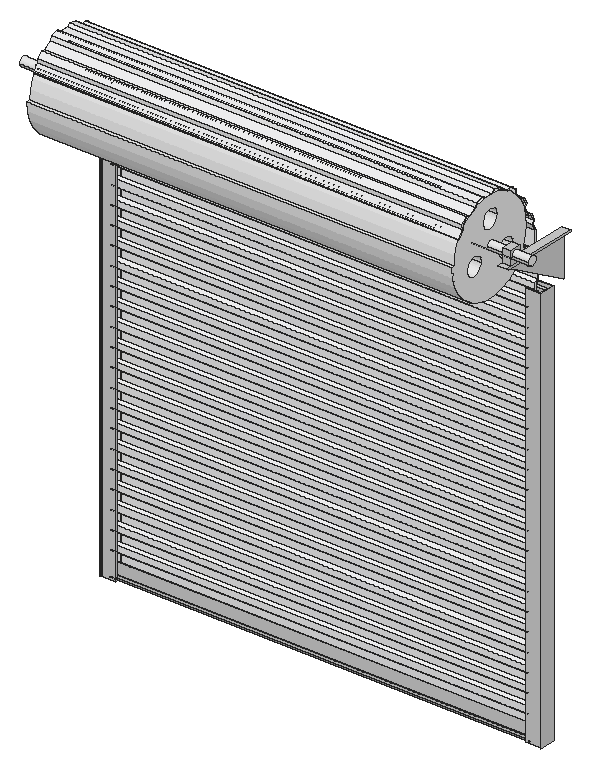
Revit family "Doors_Industrial_Wayne-Dalton_Commercial-Wind-Load-Roll-Up-Door-Model-DS-350_", category Specialty Equipment, host Wall, Revit 2019 (continued)
Automatic sketch dimensions
  Extrusion 3 sketch curve to Extrusion 3 sketch curve = 0.04457"
  Extrusion 3 sketch curve to Extrusion 3 sketch curve = 0.64889"
  Extrusion 3 sketch curve to Extrusion 3 sketch curve = 0.01945"
  Extrusion 3 sketch curve to Extrusion 3 sketch curve = 0.03093"
  Extrusion 3 sketch curve to Extrusion 3 sketch curve = 0.04213"
  Extrusion 3 sketch curve to Extrusion 3 sketch curve = 0.35772"
  Extrusion 3 sketch curve to Extrusion 3 sketch curve = 0.0445"
  Extrusion 3 sketch curve to Extrusion 3 sketch curve = 0.58436"
  Extrusion 3 sketch curve to Extrusion 3 sketch curve = 0.03713"
  curve 2 to Extrusion 3 sketch curve = 9.38866"
  Extrusion 3 sketch curve to Extrusion 3 sketch curve = 0.04224"
  Extrusion 3 sketch curve to Extrusion 3 sketch curve = 0.29237"
  Extrusion 3 sketch curve to curve 2 = 3.43116"
  Extrusion 3 sketch curve to Extrusion 3 sketch curve = 0.02097"
  Extrusion 3 sketch curve to curve 2 = 3.38071"
  Extrusion 4 sketch curve to Extrusion 4 sketch curve = 0"  (x60)
  Extrusion 4 sketch curve to curve 2 = 8.08364"
  Extrusion 4 sketch curve to Extrusion 4 sketch curve = 0.00003"  (x4)
  Extrusion 4 sketch curve to Extrusion 4 sketch curve = 0.63889"
  Extrusion 4 sketch curve to Extrusion 4 sketch curve = 0.00005"  (x2)
  Extrusion 4 sketch curve to Extrusion 4 sketch curve = 0.18053"
  Extrusion 4 sketch curve to Extrusion 4 sketch curve = 0.00017"  (x4)
  Extrusion 4 sketch curve to Extrusion 4 sketch curve = 1.30471"
  Extrusion 4 sketch curve to Extrusion 4 sketch curve = 0.00002"  (x3)
  Extrusion 4 sketch curve to Extrusion 4 sketch curve = 0.78341"
  Extrusion 4 sketch curve to Extrusion 4 sketch curve = 0.46469"
  Extrusion 4 sketch curve to Extrusion 4 sketch curve = 0.00011"  (x2)
  Extrusion 4 sketch curve to Extrusion 4 sketch curve = 0.30983"
  Extrusion 4 sketch curve to Extrusion 4 sketch curve = 0.8154"
  Extrusion 4 sketch curve to Extrusion 4 sketch curve = 0.6821"
  Extrusion 4 sketch curve to Extrusion 4 sketch curve = 0.00004"  (x5)
  Extrusion 4 sketch curve to curve 2 = 0.46505"
  curve 2 to Extrusion 4 sketch curve = 0.42917"
  Extrusion 4 sketch curve to Extrusion 4 sketch curve = 0.73112"
  Extrusion 4 sketch curve to Extrusion 4 sketch curve = 0.8011"
  Extrusion 4 sketch curve to Extrusion 4 sketch curve = 0.46818"
  Extrusion 4 sketch curve to Extrusion 4 sketch curve = 1.34626"
  Extrusion 4 sketch curve to Extrusion 4 sketch curve = 0.54314"
  Extrusion 4 sketch curve to Extrusion 4 sketch curve = 0.66012"
  Extrusion 4 sketch curve to Extrusion 4 sketch curve = 0.8064"
  Extrusion 4 sketch curve to Extrusion 4 sketch curve = 1.14963"
  Extrusion 4 sketch curve to Extrusion 4 sketch curve = 1.63371"
  Extrusion 4 sketch curve to Extrusion 4 sketch curve = 0.27231"
  Extrusion 4 sketch curve to Extrusion 4 sketch curve = 0.00006"  (x2)
  Extrusion 4 sketch curve to Extrusion 4 sketch curve = 0.69407"
  Extrusion 4 sketch curve to curve 2 = 0.56736"
  Extrusion 4 sketch curve to curve 2 = 0.53971"
  Extrusion 4 sketch curve to curve 2 = 0.08338"
  Extrusion 4 sketch curve to curve 2 = 0.079"
  Extrusion 4 sketch curve to curve 2 = 0.04886"
  curve 2 to Extrusion 4 sketch curve = 0.28752"
  Extrusion 4 sketch curve to Extrusion 4 sketch curve = 0.05759"
  curve 2 to Extrusion 4 sketch curve = 0.37479"
  Extrusion 4 sketch curve to Extrusion 4 sketch curve = 0.05732"
  Extrusion 4 sketch curve to Extrusion 4 sketch curve = 0.00438"
  Extrusion 4 sketch curve to Extrusion 4 sketch curve = 0.03452"
  Extrusion 4 sketch curve to Extrusion 4 sketch curve = 0.00817"
  Extrusion 4 sketch curve to Extrusion 4 sketch curve = 0.14425"
  Extrusion 4 sketch curve to curve 2 = 0.56455"
  Extrusion 4 sketch curve to Extrusion 4 sketch curve = 0.13576"
  curve 2 to Extrusion 4 sketch curve = 1.79484"
  curve 2 to Extrusion 4 sketch curve = 2.45173"
  Extrusion 4 sketch curve to Extrusion 4 sketch curve = 0.81041"
  curve 2 to Extrusion 4 sketch curve = 3.26981"
  Extrusion 4 sketch curve to curve 2 = 4.14831"
  Extrusion 4 sketch curve to Extrusion 4 sketch curve = 0.51163"
  curve 2 to Extrusion 4 sketch curve = 5.0281"
  Extrusion 4 sketch curve to Extrusion 4 sketch curve = 0.00012"  (x2)
  Extrusion 4 sketch curve to Extrusion 4 sketch curve = 0.56999"
  Extrusion 4 sketch curve to Extrusion 4 sketch curve = 0.79831"
  Extrusion 4 sketch curve to Extrusion 4 sketch curve = 0.43381"
  Extrusion 4 sketch curve to Extrusion 4 sketch curve = 0.41854"
  Extrusion 4 sketch curve to Extrusion 4 sketch curve = 0.77188"
  Extrusion 4 sketch curve to Extrusion 4 sketch curve = 0.09462"
  Extrusion 4 sketch curve to Extrusion 4 sketch curve = 0.23711"
  curve 2 to Extrusion 4 sketch curve = 7.30095"
  Extrusion 4 sketch curve to Extrusion 4 sketch curve = 1.63333"
  Extrusion 4 sketch curve to Extrusion 4 sketch curve = 0.14023"
  Extrusion 4 sketch curve to Extrusion 4 sketch curve = 0.67373"
  Extrusion 4 sketch curve to Extrusion 4 sketch curve = 0.61232"
  Extrusion 4 sketch curve to Extrusion 4 sketch curve = 0.83449"
  Extrusion 4 sketch curve to Extrusion 4 sketch curve = 0.00007"  (x2)
  Extrusion 4 sketch curve to Extrusion 4 sketch curve = 0.0714"
  curve 2 to Extrusion 4 sketch curve = 8.70458"
  Extrusion 4 sketch curve to Extrusion 4 sketch curve = 0.16793"
  Extrusion 4 sketch curve to Extrusion 4 sketch curve = 0.0002"  (x2)
  Extrusion 4 sketch curve to Extrusion 4 sketch curve = 0.45237"
  Extrusion 4 sketch curve to Extrusion 4 sketch curve = 0.05681"
  Extrusion 4 sketch curve to Extrusion 4 sketch curve = 0.11499"
  Extrusion 4 sketch curve to Extrusion 4 sketch curve = 0.03771"
  Extrusion 4 sketch curve to Extrusion 4 sketch curve = 0.09035"
  Extrusion 4 sketch curve to Extrusion 4 sketch curve = 0.05225"
  Extrusion 4 sketch curve to Extrusion 4 sketch curve = 0.10624"
  Extrusion 4 sketch curve to Extrusion 4 sketch curve = 0.01102"
  Extrusion 4 sketch curve to Extrusion 4 sketch curve = 0.14101"
  Extrusion 4 sketch curve to Extrusion 4 sketch curve = 0.04622"
  Extrusion 4 sketch curve to Extrusion 4 sketch curve = 0.1272"
  Extrusion 4 sketch curve to Extrusion 4 sketch curve = 0.05499"
  Extrusion 4 sketch curve to Extrusion 4 sketch curve = 0.15974"
  Extrusion 4 sketch curve to Extrusion 4 sketch curve = 0.02951"
  Extrusion 4 sketch curve to Extrusion 4 sketch curve = 0.14677"
  Extrusion 4 sketch curve to Extrusion 4 sketch curve = 0.0481"
  Extrusion 4 sketch curve to Extrusion 4 sketch curve = 0.14577"
  Extrusion 4 sketch curve to Extrusion 4 sketch curve = 0.04984"
  Extrusion 4 sketch curve to Extrusion 4 sketch curve = 0.19111"
  Extrusion 4 sketch curve to Extrusion 4 sketch curve = 0.04426"
  Extrusion 4 sketch curve to Extrusion 4 sketch curve = 0.04312"
  Extrusion 4 sketch curve to Extrusion 4 sketch curve = 0.14349"
  Extrusion 4 sketch curve to Extrusion 4 sketch curve = 0.03762"
  Extrusion 4 sketch curve to Extrusion 4 sketch curve = 0.19294"
  Extrusion 4 sketch curve to Extrusion 4 sketch curve = 0.05211"
  Extrusion 4 sketch curve to Extrusion 4 sketch curve = 0.12085"
  Extrusion 4 sketch curve to Extrusion 4 sketch curve = 0.02007"
  Extrusion 4 sketch curve to Extrusion 4 sketch curve = 0.17428"
  Extrusion 4 sketch curve to Extrusion 4 sketch curve = 0.05119"
  Extrusion 4 sketch curve to Extrusion 4 sketch curve = 0.0794"
  Extrusion 4 sketch curve to Extrusion 4 sketch curve = 0.00616"
  Extrusion 4 sketch curve to Extrusion 4 sketch curve = 0.13229"
  Extrusion 4 sketch curve to Extrusion 4 sketch curve = 0.04842"
  Extrusion 6 sketch curve to Extrusion 6 sketch curve = 0"  (x71)
  Extrusion 6 sketch curve to curve 2 = 9.66237"
  Extrusion 6 sketch curve to Extrusion 6 sketch curve = 0.00003"  (x9)
  Extrusion 6 sketch curve to Extrusion 6 sketch curve = 0.53531"
  Extrusion 6 sketch curve to Extrusion 6 sketch curve = 0.00006"  (x4)
  Extrusion 6 sketch curve to Extrusion 6 sketch curve = 0.03248"
  Extrusion 6 sketch curve to Extrusion 6 sketch curve = 0.00019"  (x2)
  Extrusion 6 sketch curve to Extrusion 6 sketch curve = 0.82321"
  Extrusion 6 sketch curve to Extrusion 6 sketch curve = 0.69927"
  Extrusion 6 sketch curve to Extrusion 6 sketch curve = 0.00005"  (x4)
  Extrusion 6 sketch curve to Extrusion 6 sketch curve = 0.2815"
  Extrusion 6 sketch curve to Extrusion 6 sketch curve = 0.00015"  (x2)
  Extrusion 6 sketch curve to Extrusion 6 sketch curve = 1.22034"
  Extrusion 6 sketch curve to Extrusion 6 sketch curve = 0.00002"  (x5)
  Extrusion 6 sketch curve to Extrusion 6 sketch curve = 3.51269"
  Extrusion 6 sketch curve to Extrusion 6 sketch curve = 0.79598"
  Extrusion 6 sketch curve to Extrusion 6 sketch curve = 0.50344"
  Extrusion 6 sketch curve to Extrusion 6 sketch curve = 0.0001"  (x2)
  Extrusion 6 sketch curve to Extrusion 6 sketch curve = 1.27881"
  Extrusion 6 sketch curve to Extrusion 6 sketch curve = 1.47606"
  Extrusion 6 sketch curve to Extrusion 6 sketch curve = 1.71045"
  Extrusion 6 sketch curve to Extrusion 6 sketch curve = 0.81615"
  Extrusion 6 sketch curve to Extrusion 6 sketch curve = 0.67698"
  Extrusion 6 sketch curve to Extrusion 6 sketch curve = 0.00004"  (x2)
  Extrusion 6 sketch curve to curve 2 = 0.67157"
  Extrusion 6 sketch curve to curve 2 = 0.19825"
  curve 2 to Extrusion 6 sketch curve = 0.55854"
  curve 2 to Extrusion 6 sketch curve = 1.33741"
  Extrusion 6 sketch curve to Extrusion 6 sketch curve = 0.78617"
  Extrusion 6 sketch curve to Extrusion 6 sketch curve = 1.57364"
  Extrusion 6 sketch curve to Extrusion 6 sketch curve = 1.89236"
  Extrusion 6 sketch curve to Extrusion 6 sketch curve = 0.62483"
  Extrusion 6 sketch curve to Extrusion 6 sketch curve = 0.81816"
  Extrusion 6 sketch curve to Extrusion 6 sketch curve = 0.00009"  (x2)
  Extrusion 6 sketch curve to Extrusion 6 sketch curve = 1.57146"
  Extrusion 6 sketch curve to Extrusion 6 sketch curve = 1.38936"
  Extrusion 6 sketch curve to Extrusion 6 sketch curve = 1.10496"
  Extrusion 6 sketch curve to Extrusion 6 sketch curve = 0.43161"
  Extrusion 6 sketch curve to Extrusion 6 sketch curve = 0.771"
  Extrusion 6 sketch curve to Extrusion 6 sketch curve = 0.00014"  (x2)
  Extrusion 6 sketch curve to curve 2 = 0.97535"
  Extrusion 6 sketch curve to curve 2 = 0.77901"
  Extrusion 6 sketch curve to curve 2 = 0.13011"
  Extrusion 6 sketch curve to Extrusion 6 sketch curve = 0.00018"  (x2)
  curve 2 to Extrusion 6 sketch curve = 0.47301"
  Extrusion 6 sketch curve to Extrusion 6 sketch curve = 0.00007"  (x3)
  curve 2 to Extrusion 6 sketch curve = 0.53183"
  curve 2 to Extrusion 6 sketch curve = 0.84263"
  Extrusion 6 sketch curve to Extrusion 6 sketch curve = 0.46289"
  Extrusion 6 sketch curve to Extrusion 6 sketch curve = 0.0002"  (x2)
  Extrusion 6 sketch curve to Extrusion 6 sketch curve = 0.01143"
  Extrusion 6 sketch curve to Extrusion 6 sketch curve = 0.04353"
  Extrusion 6 sketch curve to curve 2 = 0.28817"
  Extrusion 6 sketch curve to Extrusion 6 sketch curve = 0.18514"
  Extrusion 6 sketch curve to curve 2 = 0.25062"
  Extrusion 6 sketch curve to Extrusion 6 sketch curve = 0.04915"
  Extrusion 6 sketch curve to Extrusion 6 sketch curve = 0.0177"
  Extrusion 6 sketch curve to Extrusion 6 sketch curve = 0.00203"
  Extrusion 6 sketch curve to Extrusion 6 sketch curve = 0.14735"
  curve 2 to Extrusion 6 sketch curve = 0.67446"
  Extrusion 6 sketch curve to curve 2 = 0.10432"
  curve 2 to Extrusion 6 sketch curve = 1.66183"
  Extrusion 6 sketch curve to Extrusion 6 sketch curve = 0.05848"
  Extrusion 6 sketch curve to Extrusion 6 sketch curve = 0.13681"
  curve 2 to Extrusion 6 sketch curve = 2.53215"
  Extrusion 6 sketch curve to curve 2 = 2.65418"
  Extrusion 6 sketch curve to curve 2 = 3.26058"
  curve 2 to Extrusion 6 sketch curve = 3.34857"
  Extrusion 6 sketch curve to Extrusion 6 sketch curve = 0.61918"
  Extrusion 6 sketch curve to Extrusion 6 sketch curve = 1.69046"
  Extrusion 6 sketch curve to Extrusion 6 sketch curve = 0.81786"
  curve 2 to Extrusion 6 sketch curve = 4.82051"
  Extrusion 6 sketch curve to Extrusion 6 sketch curve = 1.56828"
  curve 2 to Extrusion 6 sketch curve = 5.31945"
  Extrusion 6 sketch curve to Extrusion 6 sketch curve = 1.26751"
  Extrusion 6 sketch curve to Extrusion 6 sketch curve = 1.38427"
  Extrusion 6 sketch curve to Extrusion 6 sketch curve = 1.08333"
  Extrusion 6 sketch curve to Extrusion 6 sketch curve = 0.79461"
  Extrusion 6 sketch curve to Extrusion 6 sketch curve = 0.4254"
  curve 2 to Extrusion 6 sketch curve = 6.32899"
  curve 2 to Extrusion 6 sketch curve = 6.44024"
  Extrusion 6 sketch curve to Extrusion 6 sketch curve = 0.76852"
  Extrusion 6 sketch curve to Extrusion 6 sketch curve = 1.20455"
  Extrusion 6 sketch curve to Extrusion 6 sketch curve = 0.27475"
  Extrusion 6 sketch curve to Extrusion 6 sketch curve = 1.04768"
  Extrusion 6 sketch curve to Extrusion 6 sketch curve = 0.19072"
  Extrusion 6 sketch curve to Extrusion 6 sketch curve = 0.69545"
  Extrusion 6 sketch curve to Extrusion 6 sketch curve = 0.64529"
  Extrusion 6 sketch curve to Extrusion 6 sketch curve = 0.8155"
  Extrusion 6 sketch curve to Extrusion 6 sketch curve = 0.02393"
  Extrusion 6 sketch curve to Extrusion 6 sketch curve = 0.58198"
  Extrusion 6 sketch curve to Extrusion 6 sketch curve = 0.06225"
  Extrusion 6 sketch curve to Extrusion 6 sketch curve = 0.5287"
  curve 2 to Extrusion 6 sketch curve = 9.77214"
  Extrusion 6 sketch curve to Extrusion 6 sketch curve = 0.46"
  Extrusion 6 sketch curve to Extrusion 6 sketch curve = 0.22781"
  Extrusion 6 sketch curve to Extrusion 6 sketch curve = 0.00021"
  curve 2 to Extrusion 6 sketch curve = 10.08406"
  Extrusion 6 sketch curve to Extrusion 6 sketch curve = 0.00617"
  Extrusion 6 sketch curve to curve 2 = 2.79659"
  Extrusion 6 sketch curve to Extrusion 6 sketch curve = 0.01789"
  Extrusion 6 sketch curve to Extrusion 6 sketch curve = 0.09634"
  Extrusion 6 sketch curve to Extrusion 6 sketch curve = 0.0316"
  Extrusion 6 sketch curve to Extrusion 6 sketch curve = 0.05738"
  Extrusion 6 sketch curve to Extrusion 6 sketch curve = 0.0587"
  Extrusion 6 sketch curve to Extrusion 6 sketch curve = 0.08306"
  Extrusion 6 sketch curve to Extrusion 6 sketch curve = 0.00994"
  Extrusion 6 sketch curve to Extrusion 6 sketch curve = 0.09622"
  Extrusion 6 sketch curve to Extrusion 6 sketch curve = 0.06253"
  Extrusion 6 sketch curve to Extrusion 6 sketch curve = 0.14171"
  Extrusion 6 sketch curve to Extrusion 6 sketch curve = 0.01329"
  Extrusion 6 sketch curve to Extrusion 6 sketch curve = 0.1258"
  Extrusion 6 sketch curve to Extrusion 6 sketch curve = 0.06036"
  Extrusion 6 sketch curve to Extrusion 6 sketch curve = 0.16521"
  Extrusion 6 sketch curve to Extrusion 6 sketch curve = 0.02676"
  Extrusion 6 sketch curve to Extrusion 6 sketch curve = 0.14328"
  Extrusion 6 sketch curve to Extrusion 6 sketch curve = 0.05237"
  Extrusion 6 sketch curve to Extrusion 6 sketch curve = 0.19175"
  Extrusion 6 sketch curve to Extrusion 6 sketch curve = 0.04448"
  Extrusion 6 sketch curve to Extrusion 6 sketch curve = 0.14695"
  Extrusion 6 sketch curve to Extrusion 6 sketch curve = 0.03919"
  Extrusion 6 sketch curve to Extrusion 6 sketch curve = 0.19525"
  Extrusion 6 sketch curve to Extrusion 6 sketch curve = 0.05351"
  Extrusion 6 sketch curve to Extrusion 6 sketch curve = 0.13637"
  Extrusion 6 sketch curve to Extrusion 6 sketch curve = 0.02236"
  Extrusion 6 sketch curve to Extrusion 6 sketch curve = 0.17912"
  Extrusion 6 sketch curve to Extrusion 6 sketch curve = 0.06096"
  Extrusion 6 sketch curve to Extrusion 6 sketch curve = 0.11252"
  Extrusion 6 sketch curve to Extrusion 6 sketch curve = 0.00326"
  Extrusion 6 sketch curve to Extrusion 6 sketch curve = 0.14627"
  Extrusion 6 sketch curve to Extrusion 6 sketch curve = 0.06088"
  Extrusion 6 sketch curve to curve 2 = 0.06837"
  Extrusion 6 sketch curve to curve 2 = 0.05222"
  Extrusion 6 sketch curve to Extrusion 6 sketch curve = 0.11198"
  Extrusion 6 sketch curve to Extrusion 6 sketch curve = 0.0541"
  Extrusion 6 sketch curve to Extrusion 6 sketch curve = 0.04279"
  Extrusion 5 sketch curve to Extrusion 5 sketch curve = 0"  (x26)
  Extrusion 5 sketch curve to curve 2 = 0"  (x2)
  Extrusion 5 sketch curve to curve 2 = 1.21119"
  Extrusion 5 sketch curve to Extrusion 5 sketch curve = 0.01364"
  Extrusion 5 sketch curve to Extrusion 5 sketch curve = 0.53885"
  Extrusion 5 sketch curve to Extrusion 5 sketch curve = 0.01067"
  Extrusion 5 sketch curve to Extrusion 5 sketch curve = 1.22582"
  Extrusion 5 sketch curve to Extrusion 5 sketch curve = 0.029"
  Extrusion 5 sketch curve to Extrusion 5 sketch curve = 0.27279"
  Extrusion 5 sketch curve to Extrusion 5 sketch curve = 0.0305"
  Extrusion 5 sketch curve to Extrusion 5 sketch curve = 1.46397"
  Extrusion 5 sketch curve to Extrusion 5 sketch curve = 0.00247"
  Extrusion 5 sketch curve to Extrusion 5 sketch curve = 0.666"
  Extrusion 5 sketch curve to Extrusion 5 sketch curve = 0.00617"
  Extrusion 5 sketch curve to Extrusion 5 sketch curve = 1.03286"
  Extrusion 5 sketch curve to Extrusion 5 sketch curve = 0.01357"
  Extrusion 5 sketch curve to Extrusion 5 sketch curve = 0.0396"
  Extrusion 5 sketch curve to Extrusion 5 sketch curve = 0.03967"
  Extrusion 5 sketch curve to Extrusion 5 sketch curve = 1.10422"
  Extrusion 5 sketch curve to Extrusion 5 sketch curve = 0.01824"
  Extrusion 5 sketch curve to Extrusion 5 sketch curve = 0.68849"
  Extrusion 5 sketch curve to Extrusion 5 sketch curve = 0.02214"
  Extrusion 5 sketch curve to Extrusion 5 sketch curve = 0.44641"
  Extrusion 5 sketch curve to Extrusion 5 sketch curve = 0.04325"
  Extrusion 5 sketch curve to Extrusion 5 sketch curve = 0.20439"
  Extrusion 5 sketch curve to Extrusion 5 sketch curve = 0.04461"
  Extrusion 5 sketch curve to curve 2 = 3.03743"
  Extrusion 5 sketch curve to Extrusion 5 sketch curve = 0.58728"
  Extrusion 5 sketch curve to curve 2 = 3.06716"
  Extrusion 5 sketch curve to Extrusion 5 sketch curve = 0.03142"
  Extrusion 5 sketch curve to curve 2 = 0.97641"
  Extrusion 5 sketch curve to Extrusion 5 sketch curve = 0.41446"
  Extrusion 5 sketch curve to Extrusion 5 sketch curve = 0.054"
  Extrusion 5 sketch curve to curve 2 = 2.74736"
  Extrusion 5 sketch curve to Extrusion 5 sketch curve = 0.6138"
  Extrusion 5 sketch curve to curve 2 = 2.77548"
  Extrusion 5 sketch curve to Extrusion 5 sketch curve = 0.03499"
  Extrusion 5 sketch curve to curve 2 = 1.51462"
  Extrusion 5 sketch curve to Extrusion 5 sketch curve = 0.43414"
  Extrusion 5 sketch curve to curve 2 = 1.50284"
  Extrusion 5 sketch curve to Extrusion 5 sketch curve = 0.04332"
  curve 2 to Extrusion 5 sketch curve = 0.39296"
  Extrusion 5 sketch curve to Extrusion 5 sketch curve = 0.01702"
  Extrusion 5 sketch curve to Extrusion 5 sketch curve = 0.49623"
  Extrusion 5 sketch curve to Extrusion 5 sketch curve = 0.01431"
  Extrusion 5 sketch curve to Extrusion 5 sketch curve = 1.24579"
  Extrusion 5 sketch curve to Extrusion 5 sketch curve = 0.02601"
  Extrusion 5 sketch curve to Extrusion 5 sketch curve = 0.32769"
  Extrusion 5 sketch curve to Extrusion 5 sketch curve = 0.02782"
  Extrusion 5 sketch curve to Extrusion 5 sketch curve = 1.51549"
  Extrusion 5 sketch curve to Extrusion 5 sketch curve = 0.00114"
  Extrusion 5 sketch curve to Extrusion 5 sketch curve = 0.64575"
  Extrusion 5 sketch curve to Extrusion 5 sketch curve = 0.00239"
  Extrusion 5 sketch curve to Extrusion 5 sketch curve = 1.08997"
  Extrusion 5 sketch curve to Extrusion 5 sketch curve = 0.03768"
  Extrusion 5 sketch curve to Extrusion 5 sketch curve = 0.07324"
  Extrusion 5 sketch curve to Extrusion 5 sketch curve = 0.03808"
  Extrusion 5 sketch curve to Extrusion 5 sketch curve = 1.19736"
  Extrusion 5 sketch curve to Extrusion 5 sketch curve = 0.0149"
  Extrusion 5 sketch curve to Extrusion 5 sketch curve = 0.68983"
  Extrusion 5 sketch curve to Extrusion 5 sketch curve = 0.01876"
  Extrusion 5 sketch curve to curve 2 = 0.64161"
  Extrusion 5 sketch curve to Extrusion 5 sketch curve = 11/256"
  Extrusion 5 sketch curve to curve 2 = 0.45014"
  Extrusion 5 sketch curve to Extrusion 5 sketch curve = 0.04402"
  curve 2 to Extrusion 5 sketch curve = 0.1112"
  Extrusion 5 sketch curve to Extrusion 5 sketch curve = 0.02881"
  curve 2 to Extrusion 5 sketch curve = 91/128"
  Extrusion 5 sketch curve to Extrusion 5 sketch curve = 0.04113"
  Extrusion 5 sketch curve to Extrusion 5 sketch curve = 0.64149"
  Extrusion 5 sketch curve to Extrusion 5 sketch curve = 0.03241"
  Extrusion 5 sketch curve to curve 2 = 0.43743"
  curve 2 to Extrusion 5 sketch curve = 0.90201"
  Extrusion 5 sketch curve to curve 2 = 0.46197"
  Extrusion 5 sketch curve to Extrusion 5 sketch curve = 0.036"
  curve 2 to Extrusion 5 sketch curve = 0.952"
  Extrusion 5 sketch curve to Extrusion 5 sketch curve = 0.39322"
  Extrusion 5 sketch curve to Extrusion 5 sketch curve = 0.04418"
  Extrusion 5 sketch curve to curve 2 = 0.11278"
  Extrusion 5 sketch curve to Extrusion 5 sketch curve = 0.4475"
  Extrusion 5 sketch curve to curve 2 = 0.13517"
  Extrusion 5 sketch curve to Extrusion 5 sketch curve = 0.0392"
  curve 2 to Extrusion 5 sketch curve = 1.14567"
  curve 2 to Extrusion 5 sketch curve = 1.16456"
  curve 2 to Extrusion 5 sketch curve = 1.78492"
  Extrusion 5 sketch curve to Extrusion 5 sketch curve = 0.01198"
  Extrusion 5 sketch curve to Extrusion 5 sketch curve = 0.57609"
  Extrusion 5 sketch curve to Extrusion 5 sketch curve = 0.00796"
  curve 2 to Extrusion 5 sketch curve = 3.57458"
  Extrusion 5 sketch curve to Extrusion 5 sketch curve = 0.03107"
  curve 2 to Extrusion 5 sketch curve = 3.80812"
  Extrusion 5 sketch curve to Extrusion 5 sketch curve = 0.03232"
  Extrusion 5 sketch curve to Extrusion 5 sketch curve = 0.65898"
  Extrusion 5 sketch curve to Extrusion 5 sketch curve = 0.00504"
  curve 2 to Extrusion 5 sketch curve = 5.93963"
  Extrusion 5 sketch curve to Extrusion 5 sketch curve = 0.00879"
  Extrusion 5 sketch curve to Extrusion 5 sketch curve = 1 13/256"
  Extrusion 5 sketch curve to Extrusion 5 sketch curve = 0.03154"
  Extrusion 5 sketch curve to Extrusion 5 sketch curve = 5/128"
  Extrusion 5 sketch curve to Extrusion 5 sketch curve = 0.03923"
  Extrusion 5 sketch curve to Extrusion 5 sketch curve = 0.96006"
  Extrusion 5 sketch curve to Extrusion 5 sketch curve = 0.02826"
  Extrusion 5 sketch curve to Extrusion 5 sketch curve = 0.04063"
  Extrusion 5 sketch curve to Extrusion 5 sketch curve = 0.04078"
  Extrusion 5 sketch curve to Extrusion 5 sketch curve = 0.68789"
  Extrusion 5 sketch curve to Extrusion 5 sketch curve = 0.02115"
  Extrusion 5 sketch curve to Extrusion 5 sketch curve = 0.48896"
  Extrusion 5 sketch curve to Extrusion 5 sketch curve = 0.6831"
  Extrusion 5 sketch curve to Extrusion 5 sketch curve = 0.04319"
  Extrusion 5 sketch curve to Extrusion 5 sketch curve = 0.02441"
  Extrusion 5 sketch curve to Extrusion 5 sketch curve = 0.18832"
  Extrusion 5 sketch curve to Extrusion 5 sketch curve = 0.04447"
  Extrusion 5 sketch curve to Extrusion 5 sketch curve = 0.34453"
  Extrusion 5 sketch curve to Extrusion 5 sketch curve = 0.04326"
  Extrusion 5 sketch curve to Extrusion 5 sketch curve = 0.24296"
  Extrusion 5 sketch curve to Extrusion 5 sketch curve = 0.04483"
  curve 2 to Extrusion 5 sketch curve = 9.79875"
  Extrusion 5 sketch curve to Extrusion 5 sketch curve = 0.04105"
  Extrusion 5 sketch curve to Extrusion 5 sketch curve = 0.61971"
  Extrusion 5 sketch curve to Extrusion 5 sketch curve = 0.03427"
  Extrusion 5 sketch curve to Extrusion 5 sketch curve = 0.59383"
  Extrusion 5 sketch curve to Extrusion 5 sketch curve = 0.03659"
  Extrusion 5 sketch curve to Extrusion 5 sketch curve = 0.42077"
  Extrusion 5 sketch curve to Extrusion 5 sketch curve = 0.04361"
  Extrusion 5 sketch curve to Extrusion 5 sketch curve = 0.46408"
  Extrusion 5 sketch curve to Extrusion 5 sketch curve = 0.04255"
  Extrusion 6 sketch curve to Extrusion 6 sketch curve = 0.24249"
Nested families (in)
  nested 1: "Slat" at (0, -6.798, 1.1046), type "Slat"
    with Void Cut Offset 0", Additional Slats no, AD S2 yes, AD S1 yes
  nested 2: "Slat" at (0, -6.798, 10.76085), type "Slat"
    with Void Cut Offset 0", Additional Slats no, AD S2 yes, AD S1 yes
  nested 3: "Slat" at (0, -6.798, 20.4171), type "Slat"
    with Void Cut Offset 0", Additional Slats no, AD S2 yes, AD S1 yes
  nested 4: "Slat" at (0, -6.798, 30.07335), type "Slat"
    with Void Cut Offset 0", Additional Slats no, AD S2 yes, AD S1 yes
  nested 5: "Slat" at (0, -6.798, 39.7296), type "Slat"
    with Void Cut Offset 0", Additional Slats no, AD S2 yes, AD S1 yes
  nested 6: "Slat" at (0, -6.798, 49.38585), type "Slat"
    with Void Cut Offset 0", Additional Slats no, AD S2 yes, AD S1 yes
  nested 7: "Slat" at (0, -6.798, 59.0421), type "Slat"
    with Void Cut Offset 0", Additional Slats no, AD S2 yes, AD S1 yes
  nested 8: "Operator" at (36, -16.75, 83.5), type "Family1"
  nested 9: "Lifts" at (0, -4.5, 0) x (-1, 0, 0) z (0, 0, 1), type "Frame Unit"
  nested 10: "Slat" at (0, -6.798, 78.3546), AD S1 <- "Ad Slat 1", AD S2 <- "Ad Slat 2", type "Slat"
    with Void Cut Offset 10.16", Additional Slats yes, AD S2 no, AD S1 no
  nested 11: "Slat" at (0, -6.798, 68.69835), type "Slat"
    with Void Cut Offset 0", Additional Slats no, AD S2 yes, AD S1 yes
Connectors (in)
  electrical at (41.75, -16.75, 83.5), driven by "Number of Poles", driven by "Voltage", driven by "Apparent Load Phase 1", driven by "Power Factor"
    settings: on nested 8, index 1, voltage 0 V, apparent load 0 VA, apparent load phase1 0 VA, apparent load phase2 0 VA, apparent load phase3 0 VA, power factor 1, load classification "Other", number of poles 1, system type 31, power factor state 1, is connector primary yes, connector utility no, sub classification motor no, connector description "Electrical Connector"
Definition of nested family "Slat"
  Parameters (values of type "Slat")
    Void Cut Offset [instance] = if(Additional Slats, if(AD S2, One Slat Height + 1/2", if(AD S1, One Slat Height * 2 + 1/2", Slat Height + 1/2")), 0")  # 0"
    Sq Option = if(Curtain Option = 1, 1 = 1, 1 = 2)  # yes
    Slat Height = if(Curtain Option = 1, 3.22" * 3, 3.16" * 3)  # 9.66"
    R Option = not(Sq Option)  # no
    Panel Material = none
    Opening Width = 75.103"
    One Slat Height = if(Curtain Option = 1, 3.22", 3.16")  # 3.22"
    Default Elevation = 48"
    Curtain Option = 1
    Additional Slats [instance] = no
    AD S2 [instance] = yes
    AD S1 [instance] = yes
  Reference planes (in)
    plane 1 "Center (Front/Back)": y = 0
    plane 2: z = 0
    plane 3 "Center (Left/Right)": x = 0
    plane 4: z = 9.66
    plane 5: x = -37.5515
    plane 6: x = 37.5515
    plane 7: z = 10.16
  Forms (in)
    Extrusion 1, solid, material <- "Panel Material", visible <- "Sq Option"
      sketch origin (0, 0, 0) x (0, 0, 1) y (0, -1, 0)
        loop
          line (1.5362, -0.5962) -> (2.83682, -0.5962) -> (3.24093, -0.04) -> (4.3521, -0.04) -> (4.7562, -0.5962) -> (6.05682, -0.5962) -> (6.46093, -0.04) -> (7.5721, -0.04) -> (7.9762, -0.5962) -> (9.27682, -0.5962) -> (9.68093, -0.04) -> (9.66, 0) -> (9.2559, -0.5562) -> (7.99658, -0.5562) -> (7.59248, 0) -> (6.44, 0) -> (6.0359, -0.5562) -> (4.77658, -0.5562) -> (4.37248, 0) -> (3.22, 0) -> (2.8159, -0.5562) -> (1.55658, -0.5562) -> (1.15248, 0) -> (0, 0) -> (0, -0.04) -> (1.1321, -0.04) -> (1.5362, -0.5962)
      from -37.5515 to 37.5515
    Extrusion 2, solid, material <- "Panel Material", visible <- "R Option"
      sketch origin (0, 0, 0) x (0, 0, 1) y (0, -1, 0)
        loop
          arc (0.99662, -0.13102) -> (0.81086, 0) -> (0.62661, -0.13312) r 0.19562
          line (0.62661, -0.13312) -> (0, -0.13312) -> (0, -0.18138) -> (0.6653, -0.18138)
          arc (0.6653, -0.18138) -> (0.79435, -0.04931) -> (0.95107, -0.14695) r 0.14737
          arc (0.95107, -0.14695) -> (1.5846, -0.59649) -> (2.21812, -0.14695) r 0.67117
          arc (2.21812, -0.14695) -> (2.37484, -0.04931) -> (2.50389, -0.18138) r 0.14737
          line (2.50389, -0.18138) -> (3.8253, -0.18138)
          arc (3.8253, -0.18138) -> (3.95435, -0.04931) -> (4.11107, -0.14695) r 0.14737
          arc (4.11107, -0.14695) -> (4.7446, -0.59649) -> (5.37812, -0.14695) r 0.67117
          arc (5.37812, -0.14695) -> (5.53484, -0.04931) -> (5.66389, -0.18138) r 0.14737
          line (5.66389, -0.18138) -> (6.9853, -0.18138)
          arc (6.9853, -0.18138) -> (7.11435, -0.04931) -> (7.27107, -0.14695) r 0.14737
          arc (7.27107, -0.14695) -> (7.9046, -0.59649) -> (8.53812, -0.14695) r 0.67117
          arc (8.53812, -0.14695) -> (8.69484, -0.04931) -> (8.82389, -0.18138) r 0.14737
          line (8.82389, -0.18138) -> (9.48, -0.18138) -> (9.48, -0.13312) -> (8.86258, -0.13312)
          arc (8.86258, -0.13312) -> (8.67833, 0) -> (8.49257, -0.13102) r 0.19562
          arc (8.49257, -0.13102) -> (7.9046, -0.54824) -> (7.31662, -0.13102) r 0.62292
          arc (7.31662, -0.13102) -> (7.13086, 0) -> (6.94661, -0.13312) r 0.19562
          line (6.94661, -0.13312) -> (5.70258, -0.13312)
          arc (5.70258, -0.13312) -> (5.51833, 0) -> (5.33257, -0.13102) r 0.19562
          arc (5.33257, -0.13102) -> (4.7446, -0.54824) -> (4.15662, -0.13102) r 0.62292
          arc (4.15662, -0.13102) -> (3.97086, 0) -> (3.78661, -0.13312) r 0.19562
          line (3.78661, -0.13312) -> (2.54258, -0.13312)
          arc (2.54258, -0.13312) -> (2.35833, 0) -> (2.17257, -0.13102) r 0.19562
          arc (2.17257, -0.13102) -> (1.5846, -0.54824) -> (0.99662, -0.13102) r 0.62292
      from -37.5515 to 37.5515
    Extrusion 3, void
      sketch origin (0, 0, 0) x (0, 0, 1) y (0, -1, 0)
        loop
          line (10.66, 0.75) -> (10.16, 0.75) -> (10.16, -1.27253) -> (10.66, -1.27253) -> (10.66, 0.75)
      from -37.5515 to 37.5515
  Cuts and joins
    Extrusion 3 cuts Extrusion 1
    Extrusion 3 cuts Extrusion 2
  Lines and regions (in)
    reference lines
      curve 1: line (0, 0, 0) -> (0, 0, 9)
  Dimensions and locks (in)
    "Slat Height": plane 4 to plane 2
    equal spacing: plane 5, plane 3 "Center (Left/Right)", plane 6
    "Opening Width": plane 5 to plane 6
    locked: curve 1 to curve 1 at 9
    locked: Extrusion 3 sketch curve to plane 4 at 1
    locked: plane 7 to plane 4 at 0.5
    "Void Cut Offset": plane 7 to Extrusion 3 sketch curve
    aligned and locked: plane 2 to level
    aligned and locked: plane 5 to Extrusion 1
    aligned and locked: plane 6 to Extrusion 1
    aligned and locked: level to curve 1
    aligned and locked: curve 1 to plane 1 "Center (Front/Back)"
    aligned and locked: plane 6 to Extrusion 2
    aligned and locked: plane 5 to Extrusion 2
    aligned and locked: plane 5 to Extrusion 3
    aligned and locked: plane 6 to Extrusion 3
  Automatic sketch dimensions
    curve 1 to Extrusion 1 sketch curve = 0"  (x2)
    Extrusion 1 sketch curve to curve 1 = 0"  (x2)
    Extrusion 1 sketch curve to curve 1 = 0.04"
    Extrusion 1 sketch curve to Extrusion 1 sketch curve = 1.1321"  (x2)
    Extrusion 1 sketch curve to Extrusion 1 sketch curve = 0.02038"  (x6)
    Extrusion 1 sketch curve to Extrusion 1 sketch curve = 0.4041"  (x6)
    curve 1 to Extrusion 1 sketch curve = 0.5562"  (x2)
    Extrusion 1 sketch curve to Extrusion 1 sketch curve = 1.25932"  (x3)
    curve 1 to Extrusion 1 sketch curve = 0.5962"  (x2)
    Extrusion 1 sketch curve to Extrusion 1 sketch curve = 0.02093"  (x6)
    curve 1 to Extrusion 1 sketch curve = 0.04"
    Extrusion 1 sketch curve to Extrusion 1 sketch curve = 1.11117"
    Extrusion 1 sketch curve to Extrusion 1 sketch curve = 0"
    Extrusion 1 sketch curve to Extrusion 1 sketch curve = 0.04"  (x3)
    Extrusion 1 sketch curve to Extrusion 1 sketch curve = 0.5162"
    Extrusion 2 sketch curve to Extrusion 2 sketch curve = 0"  (x24)
    curve 1 to Extrusion 2 sketch curve = 0"
    Extrusion 2 sketch curve to curve 1 = 0.18138"
    Extrusion 2 sketch curve to curve 1 = 0.13312"
    Extrusion 2 sketch curve to Extrusion 2 sketch curve = 0.62661"
    Extrusion 2 sketch curve to Extrusion 2 sketch curve = 0.03869"  (x6)
    Extrusion 2 sketch curve to Extrusion 2 sketch curve = 0.14668"  (x6)
    Extrusion 2 sketch curve to curve 1 = 0.07468"  (x3)
    Extrusion 2 sketch curve to Extrusion 2 sketch curve = 0.77262"  (x5)
    curve 1 to Extrusion 2 sketch curve = 0.19561"  (x5)
    curve 1 to Extrusion 2 sketch curve = 0.13312"  (x2)
    Extrusion 2 sketch curve to Extrusion 2 sketch curve = 1.24402"  (x2)
    Extrusion 2 sketch curve to curve 1 = 0.32278"
    Extrusion 2 sketch curve to Extrusion 2 sketch curve = 0.01424"  (x2)
    Extrusion 2 sketch curve to Extrusion 2 sketch curve = 0.04825"  (x3)
    curve 1 to Extrusion 2 sketch curve = 0.48"
    curve 1 to Extrusion 3 sketch curve = 1.27253"
    Extrusion 3 sketch curve to curve 1 = 3/4"
Definition of nested family "Lifts"
  Parameters (values of type "Frame Unit")
    Steel Support Outter Radius = Opening Height + Headroom Height - [Floor To (CL) of Shaft]  # 8 1/2"
    Steel Support Inner Radius = Steel Support Outter Radius - 5/8"  # 7 7/8"
    Shaft Radius = 3/4"  # constant formula
    Shaft Material = none
    Setback = 1/4"  # constant formula
    Right Shaft Offset = 9"
    Resin Stopper Radius = 1 1/2"  # constant formula
    Resin Elements Material = none
    Opening Width = 72"
    Left Shaft Offset = 9"
    J Offset = 11 1/2" + 3/4"  # 12 1/4"
    Headroom Height = 20"
    Header Width = 23"
    Guide Width R Real = Guid Width + Setback  # 6"
    Guide Width L Real = Guid Width + Setback  # 6"
    Guide Second Part Position = 2 3/4"  # constant formula
    Guide Height = 2 3/4"  # constant formula
    Guid Width = 5 3/4"  # constant formula
    Opening Height = 72"
    Floor To (CL) of Shaft = 83 1/2"
    Finish Material = none
    Connection Brackets = 5 1/4"  # constant formula
    C = 10"
    Bottom Bar Offset = 1.652" + 3/4"  # 2.402"
    Analytic Construction = "<None>"
    A = 6"
  Reference planes (in)
    plane 1 "Center (Front/Back)": y = 0
    plane 2: z = 0
    plane 3 "Center (Left/Right)": x = 0
    plane 4 "Left": x = -36
    plane 5 "Right": x = 36
    plane 6 "Opening Height": z = 72
    plane 7: x = -45
    plane 8: x = 45
    plane 9: z = 92
    plane 10: y = 23
    plane 11: x = -18
    plane 12: x = 18
    plane 13: z = 83.5
    plane 14: y = 12.25
    plane 15: x = -37.55
    plane 16: x = 37.55
    plane 17: x = 42
    plane 18: x = -42
    plane 19: z = 82
    plane 20: x = -37.55
    plane 21: x = 37.55
    plane 22: y = 0.73437
  Forms (in)
    Extrusion 1, solid, material <- "Finish Material"
      sketch origin (0, 0, 0) x (1, 0, 0) y (0, 1, 0)
        loop
          line (-39, 0) -> (-36.25, 0) -> (-36.25, 0.125) -> (-38.875, 0.125) -> (-38.875, 2.75) -> (-39, 2.75) -> (-39, 0)
        loop
          line (39, 0) -> (39, 2.75) -> (38.875, 2.75) -> (38.875, 0.125) -> (36.25, 0.125) -> (36.25, 0) -> (39, 0)
      from 72 to 0
    Extrusion 2, solid, material <- "Finish Material"
      sketch origin (0, 0, 0) x (0, 1, 0) y (0, 0, 1)
        loop
          line (2.402, 1) -> (2.402, 3) -> (2.2975, 3) -> (2.2975, 1.1046) -> (0.902, 1.1046) -> (0.902, 1) -> (2.402, 1)
      from -37.55 to 37.55
    Extrusion 3, solid, material <- "Finish Material"
      sketch origin (0, 0, 0) x (0, 1, 0) y (0, 0, 1)
        loop
          line (1.62521, 1) -> (1.62521, 0.5)
          arc (1.62521, 0.5) -> (2.12521, 0) -> (2.62521, 0.5) r 0.5
          line (2.62521, 0.5) -> (2.62521, 1) -> (1.62521, 1)
      from -37.55 to 37.55
    Extrusion 4, solid, material <- "Shaft Material"
      sketch origin (0, 0, 0) x (0, 1, 0) y (0, 0, 1)
        loop
          circle (12.25, 83.5) r 0.75
      from -45 to 45
    Extrusion 5, void
      sketch origin (-42, 0, 75.60557) x (0, 0, 1) y (-1, 0, 0)
        loop
          line (-75.60557, -82.78) -> (-75.60557, -84) -> (6.11443, -84) -> (6.11443, -82.78) -> (-75.60557, -82.78)
        loop
          line (9.14443, -82.5) -> (6.39443, -82.5) -> (6.39443, -82.575) -> (9.14443, -82.575) -> (9.14443, -82.5)
        loop
          line (9.14443, -84) -> (9.14443, -83.925) -> (6.39443, -83.925) -> (6.39443, -84) -> (9.14443, -84)
        loop
          line (-75.60557, -1.22) -> (6.11443, -1.22) -> (6.11443, 0) -> (-75.60557, 0) -> (-75.60557, -1.22)
        loop
          line (9.14443, -1.5) -> (9.14443, -1.425) -> (6.39443, -1.425) -> (6.39443, -1.5) -> (9.14443, -1.5)
        loop
          line (9.14443, 0) -> (6.39443, 0) -> (6.39443, -0.075) -> (9.14443, -0.075) -> (9.14443, 0)
      from -30 to 0
    Extrusion 6, solid, material <- "Finish Material"
      sketch origin (-42, 0, 72) x (0, 0, 1) y (0, -1, 0)
        loop
          line (10, -11.25) -> (10, 0) -> (1.80884, 0) -> (10, -14.1875) -> (10, -13.25) -> (12.5, -13.25) -> (12.5, -11.25) -> (10, -11.25)
      from 1.5 to 0
    Extrusion 7, solid, material <- "Finish Material"
      sketch origin (42, 0, 72) x (0, 0, 1) y (0, -1, 0)
        loop
          line (10, 0) -> (1.80884, 0) -> (10, -14.1875) -> (10, -13.25) -> (12.5, -13.25) -> (12.5, -11.25) -> (10, -11.25) -> (10, 0)
      from 0 to -1.5
    Extrusion 8, void
      sketch origin (0, 0, 0) x (1, 0, 0) y (0, 1, 0)
        loop
          line (36, -0.3125) -> (37.55, -0.3125) -> (37.55, 1.62521) -> (36, 1.62521) -> (36, -0.3125)
        loop
          line (-36, -0.3125) -> (-36, 1.62521) -> (-37.55, 1.62521) -> (-37.55, -0.3125) -> (-36, -0.3125)
      from 0 to 2.125
    Extrusion 9, solid, material <- "Shaft Material"
      sketch origin (0, 0, 0) x (0, 1, 0) y (0, 0, 1)
        loop
          arc (4.59034, 79.81495) -> (14.13982, 75.21275) -> (20.75, 83.5) r 8.5
          line (20.75, 83.5) -> (20.125, 83.5)
          arc (20.125, 83.5) -> (10.53552, 91.1861) -> (5.12152, 80.15329) r 7.875
          line (5.12152, 80.15329) -> (4.59034, 79.81495)
        loop
          circle (12.25, 87.5506) r 1.625
        loop
          circle (15.75793, 81.4747) r 1.625
        loop
          circle (8.74207, 81.4747) r 1.625
      from -37.55 to 37.55
    Extrusion 10, solid, material <- "Finish Material"
      sketch origin (0, 0, 0) x (1, 0, 0) y (0, 1, 0)
        loop
          line (38.875, 2.75) -> (36.25, 2.75) -> (36.25, 2.62521) -> (38.75, 2.62521) -> (38.75, 1.62521) -> (36.25, 1.62521) -> (36.25, 1.00021) -> (38.875, 1.00021) -> (38.875, 2.75)
        loop
          line (-38.875, 2.75) -> (-38.875, 1.00021) -> (-36.25, 1.00021) -> (-36.25, 1.62521) -> (-38.75, 1.62521) -> (-38.75, 2.62521) -> (-36.25, 2.62521) -> (-36.25, 2.75) -> (-38.875, 2.75)
      from 0 to 72
  Cuts and joins
    Extrusion 5 cuts Extrusion 7
    Extrusion 5 cuts Extrusion 6
    Extrusion 8 cuts Extrusion 2
  Lines and regions (in)
    Masking region 1
      outline origin (0, 0, 0) x (1, 0, 0) y (0, 1, 0)
        loop
          line (-45, 13) -> (-45, 11.5) -> (45, 11.5) -> (45, 13) -> (-45, 13)
    Masking region 2
      outline origin (0, 0, 0) x (1, 0, 0) y (0, 1, 0)
        loop
          line (42, 14.1875) -> (40.5, 14.1875) -> (40.5, 0) -> (42, 0) -> (42, 14.1875)
        loop
          line (-42, 14.1875) -> (-42, 0) -> (-40.5, 0) -> (-40.5, 14.1875) -> (-42, 14.1875)
    Masking region 3
      outline origin (0, 0, 0) x (1, 0, 0) y (0, 1, 0)
        loop
          line (-37.55, 0.73437) -> (37.55, 0.73437) -> (37.55, 21.5) -> (-37.55, 21.5) -> (-37.55, 0.73437)
    Masking region 4
      outline origin (0, 0, 0) x (1, 0, 0) y (0, 1, 0)
        loop
          line (36.25, 1.00021) -> (38.875, 1.00021) -> (38.875, 2.75) -> (36.25, 2.75) -> (36.25, 2.62521) -> (38.75, 2.62521) -> (38.75, 1.62521) -> (36.25, 1.62521) -> (36.25, 1.00021)
        loop
          line (-36.25, 1.00021) -> (-36.25, 1.62521) -> (-38.75, 1.62521) -> (-38.75, 2.62521) -> (-36.25, 2.62521) -> (-36.25, 2.75) -> (-38.875, 2.75) -> (-38.875, 1.00021) -> (-36.25, 1.00021)
    Masking region 5
      outline origin (0, 0, 0) x (1, 0, 0) y (0, 1, 0)
        loop
          line (-38.875, 0.125) -> (-38.875, 2.75) -> (-39, 2.75) -> (-39, 0) -> (-36.25, 0) -> (-36.25, 0.125) -> (-38.875, 0.125)
        loop
          line (38.875, 2.75) -> (38.875, 0.125) -> (36.25, 0.125) -> (36.25, 0) -> (39, 0) -> (39, 2.75) -> (38.875, 2.75)
    reference lines
      curve 1: line (42, 0, 72) -> (42, 0, 81.583)
      curve 2: line (-42, 0, 72) -> (-42, 0, 81.583)
    symbolic lines
      curve 3: line (-37.55, 20.77344, 0) -> (37.55, 20.77344, 0)
      curve 4: line (-37.55, 17.66603, 0) -> (37.55, 17.66603, 0)
      curve 5: line (-37.55, 17.25, 0) -> (37.55, 17.25, 0)
      curve 6: line (-37.55, 18.54687, 0) -> (37.55, 18.54687, 0)
      curve 7: line (-37.55, 15.14231, 0) -> (37.55, 15.14231, 0)
      curve 8: line (-37.55, 16.32031, 0) -> (37.55, 16.32031, 0)
      curve 9: line (-37.55, 14.375, 0) -> (37.55, 14.375, 0)
      curve 10: line (-37.55, 12.61859, 0) -> (37.55, 12.61859, 0)
      curve 11: line (-37.55, 14.09375, 0) -> (37.55, 14.09375, 0)
      curve 12: line (-37.55, 11.5, 0) -> (37.55, 11.5, 0)
      curve 13: line (-37.55, 10.09487, 0) -> (37.55, 10.09487, 0)
      curve 14: line (-37.55, 11.86719, 0) -> (37.55, 11.86719, 0)
      curve 15: line (-37.55, 8.625, 0) -> (37.55, 8.625, 0)
      curve 16: line (-37.55, 9.64062, 0) -> (37.55, 9.64062, 0)
      curve 17: line (-37.55, 7.57115, 0) -> (37.55, 7.57115, 0)
      curve 18: line (-37.55, 7.41406, 0) -> (37.55, 7.41406, 0)
      curve 19: line (-37.55, 5.75, 0) -> (37.55, 5.75, 0)
      curve 20: line (-37.55, 5.04744, 0) -> (37.55, 5.04744, 0)
      curve 21: line (-37.55, 5.1875, 0) -> (37.55, 5.1875, 0)
      curve 22: line (-37.55, 2.875, 0) -> (37.55, 2.875, 0)
      curve 23: line (-37.55, 2.52372, 0) -> (37.55, 2.52372, 0)
      curve 24: line (-37.55, 2.96094, 0) -> (37.55, 2.96094, 0)
      curve 25: line (-37.55, 20.18974, 0) -> (37.55, 20.18974, 0)
      curve 26: line (-37.55, 20.125, 0) -> (37.55, 20.125, 0)
  Dimensions and locks (in)
    equal spacing: plane 4 "Left", plane 3 "Center (Left/Right)", plane 5 "Right"
    "Opening Width": plane 4 "Left" to plane 5 "Right"
    "Opening Height": plane 6 "Opening Height" to level
    "Guide Height": Extrusion 1 sketch curve to Extrusion 1 sketch curve
    "Headroom Height": plane 9 to plane 6 "Opening Height"
    plane 10 to plane 1 "Center (Front/Back)" = 23"
    "Header Width": plane 10 to plane 1 "Center (Front/Back)"
    locked: Extrusion 3 sketch curve to level at 1
    locked: Extrusion 8 sketch curve to plane 1 "Center (Front/Back)" at 0.3125  (x2)
    locked: plane 1 "Center (Front/Back)" to Extrusion 8 sketch curve at 1.62521
    equal spacing: plane 4 "Left", plane 11, plane 3 "Center (Left/Right)"
    equal spacing: plane 5 "Right", plane 12, plane 3 "Center (Left/Right)"
    "Floor To (CL) of Shaft": plane 13 to plane 2
    "J Offset": plane 14 to plane 1 "Center (Front/Back)"
    locked: curve 1 to curve 1 at 9.583
    locked: curve 2 to curve 2 at 9.583
    locked: plane 15 to plane 4 "Left" at 1.55
    locked: plane 5 "Right" to plane 16 at 1.55
    "Guide Width L Real": plane 5 "Right" to plane 17
    "A": plane 18 to plane 4 "Left"
    "Left Shaft Offset": plane 7 to plane 4 "Left"
    "Right Shaft Offset": plane 5 "Right" to plane 8
    locked: plane 1 "Center (Front/Back)" to Extrusion 3 sketch curve at 1.62521
    locked: Extrusion 3 sketch curve to Extrusion 3 sketch curve at 1
    locked: Extrusion 2 sketch curve to Extrusion 2 sketch curve at 1.5
    locked: Extrusion 2 sketch curve to level at 1
    Extrusion 2 sketch curve to Extrusion 2 sketch curve = 2"
    locked: Extrusion 2 sketch curve to Extrusion 2 sketch curve at 0.1046
    locked: Extrusion 2 sketch curve to Extrusion 2 sketch curve at 0.1045
    "Bottom Bar Offset": plane 1 "Center (Front/Back)" to Extrusion 2 sketch curve
    locked: Extrusion 3 sketch curve to level at 0.5
    locked: Extrusion 1 sketch curve to Extrusion 1 sketch curve at 0.125  (x2)
    equal spacing: Masking region 1 sketch curve, plane 14, Masking region 1 sketch curve
    "Shaft Radius": Masking region 1 sketch curve to plane 14
    "C": Extrusion 7 sketch curve to plane 6 "Opening Height"
    locked: Extrusion 7 sketch curve to plane 13 at 1
    equal spacing: Extrusion 7 sketch curve, plane 14, Extrusion 7 sketch curve
    locked: Extrusion 7 sketch curve to plane 14 at 1
    locked: Extrusion 6 sketch curve to plane 13 at 1
    "C": Extrusion 6 sketch curve to plane 6 "Opening Height"
    equal spacing: Extrusion 6 sketch curve, plane 14, Extrusion 6 sketch curve
    locked: Extrusion 6 sketch curve to plane 14 at 1
    locked: Extrusion 5 sketch curve to Extrusion 5 sketch curve at 0.075  (x4)
    locked: Extrusion 5 sketch curve to Extrusion 5 sketch curve at 1.22  (x2)
    locked: Extrusion 5 sketch curve to Extrusion 5 sketch curve at 0.205  (x2)
    "C": plane 6 "Opening Height" to plane 19
    locked: Extrusion 5 sketch curve to plane 19 at 0.28
    locked: plane 13 to Extrusion 5 sketch curve at 1.25
    locked: plane 5 "Right" to plane 21 at 1.55
    locked: plane 20 to plane 4 "Left" at 1.55
    locked: plane 1 "Center (Front/Back)" to Extrusion 7 sketch curve at 14.1875
    locked: plane 1 "Center (Front/Back)" to Extrusion 6 sketch curve at 14.1875
    locked: Extrusion 9 sketch curve to plane 13 at 4.0506
    locked: plane 13 to Extrusion 9 sketch curve at 2.0253  (x2)
    locked: plane 14 to Extrusion 9 sketch curve at 3.50793
    locked: Extrusion 9 sketch curve to plane 14 at 3.50793
    locked: plane 1 "Center (Front/Back)" to Masking region 3 sketch curve at 0.73437
    locked: plane 10 to Masking region 3 sketch curve at 1.5
    plane 1 "Center (Front/Back)" to plane 22 = 47/64"
    equal spacing: plane 10, curve 3, curve 6, curve 8, curve 11, curve 14, curve 16, curve 18, curve 21, curve 24, plane 22
    equal spacing: plane 1 "Center (Front/Back)", curve 23, curve 20, curve 17, curve 13, curve 10, curve 7, curve 4, curve 25
    equal spacing: plane 1 "Center (Front/Back)", curve 22, curve 19, curve 15, curve 12, curve 9, curve 5, curve 26, plane 10
    "Setback": Extrusion 1 sketch curve to plane 4 "Left"
    "Setback": plane 5 "Right" to Extrusion 1 sketch curve
    locked: Extrusion 10 sketch curve to Extrusion 10 sketch curve at 0.12479  (x2)
    locked: Extrusion 10 sketch curve to Extrusion 10 sketch curve at 0.625  (x2)
    locked: Extrusion 10 sketch curve to Extrusion 10 sketch curve at 1  (x2)
    locked: Extrusion 10 sketch curve to Extrusion 10 sketch curve at 0.125  (x2)
    "Setback": plane 5 "Right" to Extrusion 10 sketch curve
    "Guide Height": plane 1 "Center (Front/Back)" to Extrusion 10 sketch curve  (x2)
    "Setback": Extrusion 10 sketch curve to plane 4 "Left"
    "Shaft Radius": radius of Extrusion 4 sketch curve
    "Steel Support Outter Radius": radius of Extrusion 9 sketch curve
    "Steel Support Inner Radius": radius of Extrusion 9 sketch curve
    radius of Extrusion 9 sketch curve = 1 5/8"  (x3)
    locked: Extrusion 7 sketch curve to Extrusion 7 sketch curve (angle 30.00°)
    locked: Extrusion 6 sketch curve to Extrusion 6 sketch curve (angle 30.00°)
    locked: plane 13 to Extrusion 9 sketch curve (angle 32.4949°)
    aligned and locked: plane 2 to level
    aligned and locked: plane 1 "Center (Front/Back)" to Extrusion 1 sketch curve
    aligned and locked: Extrusion 1 sketch curve to plane 1 "Center (Front/Back)"
    aligned and locked: Extrusion 1 sketch curve to Extrusion 1 sketch curve  (x2)
    aligned and locked: plane 7 to Extrusion 4
    aligned and locked: Extrusion 4 to plane 8
    aligned and locked: plane 6 "Opening Height" to Extrusion 1
    aligned and locked: Extrusion 8 sketch curve to plane 5 "Right"
    aligned and locked: Extrusion 8 sketch curve to plane 4 "Left"
    aligned and locked: Extrusion 8 sketch curve to Extrusion 8 sketch curve
    aligned and locked: plane 13 to Extrusion 4 sketch curve
    aligned and locked: plane 14 to Extrusion 4 sketch curve
    aligned and locked: plane 6 "Opening Height" to curve 1
    aligned and locked: plane 6 "Opening Height" to curve 2
    aligned and locked: Extrusion 8 sketch curve to plane 15
    aligned and locked: plane 15 to Extrusion 3
    aligned and locked: Extrusion 3 to plane 16
    aligned and locked: Extrusion 8 sketch curve to plane 16
    aligned and locked: curve 1 to plane 17
    aligned and locked: curve 2 to plane 18
    aligned and locked: plane 13 to Extrusion 9 sketch curve  (x2)
    aligned and locked: plane 14 to Extrusion 9 sketch curve  (x3)
    aligned and locked: plane 7 to Masking region 1 sketch curve
    aligned and locked: plane 8 to Masking region 1 sketch curve
    aligned and locked: Extrusion 7 sketch curve to plane 1 "Center (Front/Back)"
    aligned and locked: Extrusion 7 sketch curve to Extrusion 7 sketch curve
    aligned and locked: plane 1 "Center (Front/Back)" to Extrusion 6 sketch curve
    aligned and locked: Extrusion 6 sketch curve to Extrusion 6 sketch curve
    aligned and locked: Extrusion 5 sketch curve to Extrusion 5 sketch curve  (x6)
    aligned and locked: level to Extrusion 5 sketch curve
    aligned and locked: Extrusion 5 sketch curve to level
    aligned and locked: Extrusion 5 sketch curve to curve 1
    aligned and locked: Extrusion 5 sketch curve to curve 2
    aligned and locked: Extrusion 5 sketch curve to plane 19
    aligned and locked: plane 19 to Extrusion 5 sketch curve
    aligned and locked: Extrusion 9 to plane 20
    aligned and locked: Extrusion 9 to plane 21
    aligned and locked: Extrusion 9 sketch curve to plane 13
    aligned and locked: Masking region 2 sketch curve to cut or joined group of Extrusion 5, Extrusion 7  (x4)
    aligned and locked: Masking region 2 sketch curve to cut or joined group of Extrusion 5, Extrusion 6  (x4)
    aligned and locked: Masking region 3 sketch curve to plane 15
    aligned and locked: Masking region 3 sketch curve to plane 16
    aligned and locked: plane 15 to curve 3
    aligned and locked: plane 15 to curve 25
    aligned and locked: plane 15 to curve 26
    aligned and locked: plane 15 to curve 6
    aligned and locked: plane 15 to curve 4
    aligned and locked: plane 15 to curve 5
    aligned and locked: plane 15 to curve 8
    aligned and locked: plane 15 to curve 7
    aligned and locked: plane 15 to curve 11
    aligned and locked: plane 15 to curve 9
    aligned and locked: plane 15 to curve 10
    aligned and locked: plane 15 to curve 14
    aligned and locked: plane 15 to curve 12
    aligned and locked: plane 15 to curve 13
    aligned and locked: plane 15 to curve 16
    aligned and locked: plane 15 to curve 15
    aligned and locked: plane 15 to curve 18
    aligned and locked: plane 15 to curve 17
    aligned and locked: plane 15 to curve 19
    aligned and locked: plane 15 to curve 21
    aligned and locked: plane 15 to curve 20
    aligned and locked: plane 15 to curve 24
    aligned and locked: plane 15 to curve 22
    aligned and locked: plane 15 to curve 23
    aligned and locked: plane 16 to curve 23
    aligned and locked: plane 16 to curve 22
    aligned and locked: plane 16 to curve 24
    aligned and locked: plane 16 to curve 20
    aligned and locked: plane 16 to curve 21
    aligned and locked: plane 16 to curve 19
    aligned and locked: plane 16 to curve 17
    aligned and locked: plane 16 to curve 18
    aligned and locked: plane 16 to curve 15
    aligned and locked: plane 16 to curve 16
    aligned and locked: plane 16 to curve 13
    aligned and locked: plane 16 to curve 12
    aligned and locked: plane 16 to curve 14
    aligned and locked: plane 16 to curve 10
    aligned and locked: plane 16 to curve 11
    aligned and locked: plane 16 to curve 9
    aligned and locked: plane 16 to curve 7
    aligned and locked: plane 16 to curve 8
    aligned and locked: plane 16 to curve 5
    aligned and locked: plane 16 to curve 4
    aligned and locked: plane 16 to curve 6
    aligned and locked: plane 16 to curve 26
    aligned and locked: plane 16 to curve 25
    aligned and locked: plane 16 to curve 3
    aligned and locked: Extrusion 10 sketch curve to Extrusion 10 sketch curve  (x2)
    aligned and locked: Extrusion 10 to plane 2
    aligned and locked: plane 6 "Opening Height" to Extrusion 10
    aligned and locked: Masking region 4 sketch curve to Extrusion 10  (x16)
    aligned and locked: Masking region 5 sketch curve to Extrusion 1  (x12)
    aligned and locked: plane 15 to cut or joined group of Extrusion 2, Extrusion 8
    aligned and locked: cut or joined group of Extrusion 2, Extrusion 8 to plane 16
  Automatic sketch dimensions
    curve 23 to curve 22 = 0.35128"
    Extrusion 9 sketch curve to Extrusion 9 sketch curve = 0.53119"
    plane 15 to Extrusion 1 sketch curve = 1.325"
    Extrusion 1 sketch curve to plane 16 = 1.325"
    Extrusion 1 sketch curve to plane 1 "Center (Front/Back)" = 1/8"
    Extrusion 5 sketch curve to curve 2 = 0"
    Extrusion 5 sketch curve to Extrusion 5 sketch curve = 0"
    plane 15 to Extrusion 10 sketch curve = 1.2"
    Extrusion 10 sketch curve to plane 16 = 1.2"
Definition of nested family "Operator"
  Parameters (values of type "Family1")
    Shaft to Wall Offset = 11 1/2"
    Motor V = 15.96"  # constant formula
    Motor H = 16.76"  # constant formula
    Main Color = none
    Floor To CL = 202 1/2"
    Electrical Operator = yes
    Default Elevation = 48"
    Connector = no
    Chain Offset = 9 1/2"  # constant formula
    Chain Hoist = no
    C V Offset = if(Electrical Operator, Motor V, 0")  # 15.96"
    C Position = if(Electrical Operator, Motor H + 3", 5 3/4")  # 19.76"
    C H Offset = if(Electrical Operator, Shaft to Wall Offset - 5", 0")  # 6 1/2"
  Reference planes (in)
    plane 1 "Center (Front/Back)": y = 0
    plane 2: z = 0
    plane 3 "Center (Left/Right)": x = 0
    plane 4: x = 3.25
    plane 5 "1": x = 4.25
    plane 6: z = -202.5
    plane 7: z = -172.5
    plane 8: y = 11.5
  Forms (in)
    Extrusion 1, solid, material <- "Main Color", visible <- "Chain Hoist"
      sketch origin (0, 0, 0) x (0, 1, 0) y (0, 0, 1)
        loop
          line (-4.325, 1.68) -> (-4.325, -9.21792) -> (-1.5, -10.72) -> (1.5, -10.72) -> (4.325, -9.21792) -> (4.325, 1.68) -> (-4.325, 1.68)
      from 4.25 to 5.75
    Sweep 2, solid, material <- "Main Color", visible <- "Chain Hoist"
      path origin (4.25, 0, 0) x (0, 1, 0) y (0, 0, 1)
        loop
          line (-2.9125, -9.5) -> (-2.9125, -172.5)
          arc (-2.9125, -172.5) -> (0, -175.4125) -> (2.9125, -172.5) r 2.9125
          line (2.9125, -172.5) -> (2.9125, -9.5)
      profile origin (4.25, -2.9125, -91) x (1, 0, 0) y (0, 1, 0)
        loop
          circle (0.75, 0) r 0.3
    Extrusion 3, solid, material <- "Main Color", visible <- "Electrical Operator"
      sketch origin (16.76, 11.5, -15.96) x (1, 0, 0) y (0, 1, 0)
        loop
          line (-2.988, 0) -> (-4.988, 0) -> (-4.988, -0.12) -> (-3.108, -0.12) -> (-3.108, -3.62) -> (-2.988, -3.62) -> (-2.988, 0)
        loop
          line (2.988, 0) -> (2.988, -3.62) -> (3.108, -3.62) -> (3.108, -0.12) -> (4.988, -0.12) -> (4.988, 0) -> (2.988, 0)
      from -8.32 to 9.46
    Extrusion 4, solid, material <- "Main Color", visible <- "Electrical Operator"
      sketch origin (16.76, 11.5, -15.96) x (1, 0, 0) y (0, 1, 0)
        loop
          line (-4.134, -7.375) -> (-4.134, -10.01758) -> (-4.3324, -10.01758) -> (-4.3324, -10.27413)
          arc (-4.3324, -10.27413) -> (-4.24466, -10.51278) -> (-4.02324, -10.63778) r 0.36846
          arc (-4.02324, -10.63778) -> (0, -10.96363) -> (4.02324, -10.63778) r 25
          arc (4.02324, -10.63778) -> (4.24466, -10.51278) -> (4.3324, -10.27413) r 0.36846
          line (4.3324, -10.27413) -> (4.3324, -10.01758) -> (4.116, -10.01758) -> (4.116, -7.375) -> (-4.134, -7.375)
      from -8.68 to 8.68
    Extrusion 5, solid, material <- "Main Color", visible <- "Electrical Operator"
      sketch origin (16.76, 10.25, -3.955) x (0, 0, 1) y (0, 1, 0)
        loop
          circle (-12.005, -3.75) r 0.5
      from -5 to 5
    Extrusion 6, solid, visible <- "Connector"
      sketch origin (0, 0, 0) x (0, 1, 0) y (0, 0, 1)
        loop
          circle (6.5, -15.96) r 1
      from 0 to 19.76 <- "C Position"
    Extrusion 7, solid, material <- "Main Color", visible <- "Electrical Operator"
      sketch origin (16.76, 11.5, -15.96) x (1, 0, 0) y (0, 1, 0)
        loop
          line (-4.134, -7.375) -> (4.116, -7.375) -> (4.116, -7.2554) -> (3.108, -7.2554)
          arc (3.108, -7.2554) -> (3.02315, -7.22025) -> (2.988, -7.1354) r 0.12
